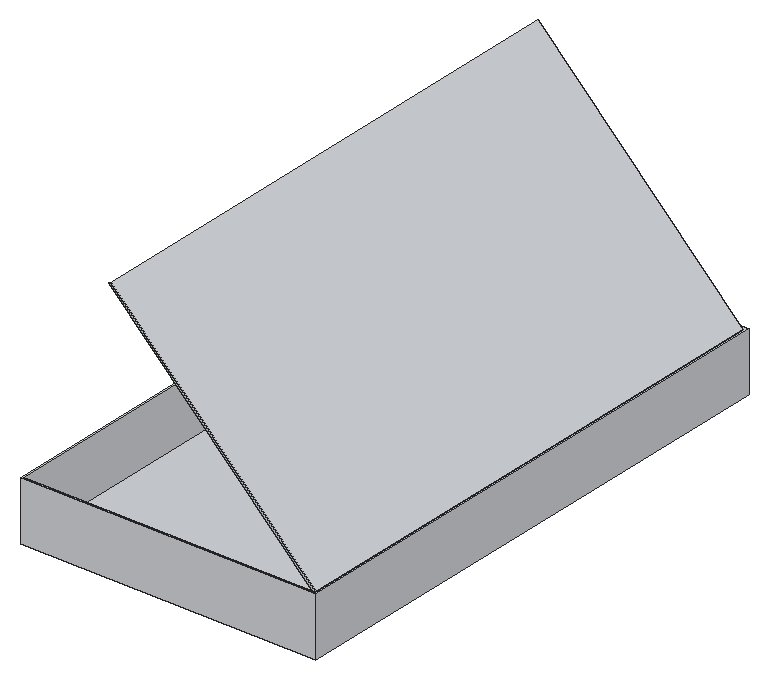
Revit family "Typ.B_TP&N_125A_Side_Extension_Boxes-empty-UK-en", category Electrical Equipment, host Face, Revit 2020
Family settings
  Host = Face
  Panel Configuration = Two Columns, Circuits Across
  Round Connector Dimension = Use Diameter
  Part Type = Panelboard
  Cut with Voids When Loaded = No
  Shared = No
  Room Calculation Point = No
Parameters (values of type "Surface mounted P2XC W465 H850 D91.5 0 Modular spacings - JK112BSF")
  Width Control [instance] = if([HG000006 - Flush mounted], if([EF000846 - Built-in width] > min_whd, [EF000846 - Built-in width], min_whd), if([EF000008 - Width] > min_whd, ([EF000008 - Width]), min_whd))  # 465 mm
  Void Depth [instance] = if([HG000006 - Flush mounted], Depth Control, 1 mm)  # 1 mm
  Type Comments = [HG000003 - Range]  # "Type B TP&N Distribution Boards"
  System Height [instance] = Height Control - 2 * [HG000005 - Thickness]  # 844 mm
  Model = [HG000004 - Manufacturer reference]  # "JK112BSF"
  HG000017 - Distance between poles = 18 mm
  HG000016 - Door 3d visibility [instance] = yes
  HG000015 - Clearance visibility [instance] = no
  HG000014 - Door on the right [instance] = yes
  HG000013 - Door on the left [instance] = not([HG000014 - Door on the right])  # no
  HG000012 - Door swing angle [instance] = 45.00°
  HG000011 - Empty rows from bottom = no
  HG000005 - Thickness = 3 mm  # constant formula
  Arrow Offset [instance] = Depth Control / 8  # 11.5 mm
  Arrow Height [instance] = Depth Control - Arrow Offset  # 80.5 mm
  Host Offset [instance] = if([HG000006 - Flush mounted], 0 mm, [EF000049 - Depth])  # 92 mm
  min_whd [instance] = (2 * [HG000005 - Thickness]) + 1 mm  # 7 mm
  Manufacturer = "Hager"  # constant formula
  Height Control [instance] = if([HG000006 - Flush mounted], if([EF000332 - Built-in height] > min_whd, [EF000332 - Built-in height], min_whd), if([EF000040 - Height] > min_whd, ([EF000040 - Height]), min_whd))  # 850 mm
  HG000010 - Asymmetric doors = no
  HG000009 - Double swing door = no
  HG000008 - Number of empty rows = 0
  HG000007 - Number of empty columns = 0
  HG000006 - Flush mounted = no
  HG000004 - Manufacturer reference = "JK112BSF"
  HG000003 - Range = "Type B TP&N Distribution Boards"
  HG000002 - With door or cover = yes
  HG000001 - Number of columns = 0
  Flush Mounted - Door Frame Width [instance] = if(([EF000040 - Height] - [EF000332 - Built-in height]) > 0 mm, if([HG000006 - Flush mounted], [EF000040 - Height] - [EF000332 - Built-in height], 0 mm), 0 mm)  # 0 mm
  EF015941 - Signal passing door = no
  EF015777 - Neutral terminal block = no
  EF015776 - Earthing terminal block = no
  EF009212 - Cover model = ""
  EF006306 - With lock = no
  EF006244 - Transparent cover/door = no
  EF005474 - Degree of protection (IP) = "EV009848 - IP2XC"
  EF004462 - Type of closure = "EV000154 - Other"
  EF002950 - Width in number of modular spacings = 0
  EF001596 - Material housing = "EV000179 - Steel"
  EF001134 - DIN-rail = no
  EF001131 - Internal depth = 0 mm
  EF001088 - Extension possible = no
  EF001062 - EMC-version = no
  EF000846 - Built-in width = 0 mm
  EF000339 - Type of cover = "EV004216 - Door"
  EF000332 - Built-in height = 0 mm
  EF000266 - Number of rows = 0
  EF000218 - Built-in depth = 0 mm
  EF000118 - With mounting plate = no
  EF000116 - RAL-number = ""
  EF000049 - Depth = 92 mm
  EF000040 - Height = 850 mm
  EF000008 - Width = 465 mm
  EF000007 - Colour = "EV000154 - Other"
  EF000003 - Mounting method = "EV000384 - Surface mounted (plaster)"
  Depth Control [instance] = if([HG000006 - Flush mounted], if([EF000218 - Built-in depth] > 0 mm, [EF000218 - Built-in depth], 1 mm), if([EF000049 - Depth] > 0 mm, ([EF000049 - Depth]), 1 mm))  # 92 mm
  Default Elevation = 0 mm
Types (5, lengths in mm): name | System Height | Model | Height Control | HG000004 - Manufacturer reference | EF005474 - Degree of protection (IP) | EF000040 - Height
  Surface mounted IP30 W465 H950 D91.5 0 Modular spacings - JK116BSF | 944 | "JK116BSF" | 950 | "JK116BSF" | "EV006410 - IP30" | 950
  Surface mounted P2XC W465 H500 D91.5 0 Modular spacings - JK104BSF | 494 | "JK104BSF" | 500 | "JK104BSF" | "EV009848 - IP2XC" | 500
  Surface mounted P2XC W465 H550 D91.5 0 Modular spacings - JK106BSF | 544 | "JK106BSF" | 550 | "JK106BSF" | "EV009848 - IP2XC" | 550
  Surface mounted P2XC W465 H625 D91.5 0 Modular spacings - JK108BSF | 619 | "JK108BSF" | 625 | "JK108BSF" | "EV009848 - IP2XC" | 625
  Surface mounted P2XC W465 H850 D91.5 0 Modular spacings - JK112BSF | 844 | "JK112BSF" | 850 | "JK112BSF" | "EV009848 - IP2XC" | 850
Reference planes
  plane 1 "Center (Front/Back)": y = 0
  plane 2: z = 0
  plane 3 "Center (Left/Right)": x = 0
  plane 4: z = 92
  plane 5: y = 3
  plane 6: z = 87
  plane 7: y = 425
  plane 8: y = 0
  plane 9: y = 850
  plane 10: z = 0
  plane 11: x = -232.5
  plane 12: x = 232.5
  plane 13: x = 229.5
  plane 14: x = -229.5
  plane 15: y = 847
  plane 16: z = 3
  plane 17: z = 89
  plane 18: z = -1
  plane 19: z = 89
Forms (mm)
  Extrusion 1, solid
    sketch origin (-583.045, 0, 1219.2) x (-1, 0, 0) y (0, 0, 1)
      loop
        line (-350.545, -1127.2) -> (-815.545, -1127.2) -> (-815.545, -1219.2) -> (-350.545, -1219.2) -> (-350.545, -1127.2)
    from 0 to 850 <- "Height Control"
  Extrusion 2, void
    sketch origin (-381.607, -4572, 92) x (0, -1, 0) y (-1, 0, 0)
      loop
        line (-5419, -152.107) -> (-5419, -611.107) -> (-4575, -611.107) -> (-4575, -152.107) -> (-5419, -152.107)
    from 0 to 89
  Extrusion 3, void
    sketch origin (0, 0, 0) x (1, 0, 0) y (0, 1, 0)
      loop
        line (-232.5, 0) -> (232.5, 0) -> (232.5, 850) -> (-232.5, 850) -> (-232.5, 0)
    from -1 to 1
  Extrusion 4, solid, detail levels coarse+medium
    sketch origin (-381.607, -4572, 92) x (-1, 0, 0) y (0, -1, 0)
      loop
        line (-152.107, -5419) -> (-152.107, -4575) -> (-611.107, -4575) -> (-611.107, -5419) -> (-152.107, -5419)
    from 0 to -3
Cuts and joins
  Extrusion 2 cuts Extrusion 1
Dimensions and locks
  plane 4 to plane 6 = 5 mm
  "Host Offset": plane 4 to host face
  "Flush Mounted - Door Frame Width": plane 1 "Center (Front/Back)" to plane 8
  "HG000005 - Thickness": plane 5 to plane 8
  locked: connector elem to plane 3 "Center (Left/Right)"
  "Height Control": plane 9 to plane 8
  equal spacing: plane 9, plane 7, plane 8
  locked: connector elem to plane 7
  "Depth Control": plane 4 to plane 10
  "HG000005 - Thickness": plane 11 to plane 14
  "HG000005 - Thickness": plane 12 to plane 13
  equal spacing: plane 11, plane 3 "Center (Left/Right)", plane 12
  "Width Control": plane 11 to plane 12
  "Arrow Offset": nested 4 to plane 10
  "HG000005 - Thickness": plane 9 to plane 15
  "HG000005 - Thickness": plane 16 to plane 10
  "HG000005 - Thickness": plane 4 to plane 17
  "Void Depth": plane 2 to plane 18
  "HG000005 - Thickness": plane 4 to plane 19
  aligned and locked: plane 2 to host face
  aligned and locked: level to host face
  aligned and locked: plane 3 "Center (Left/Right)" to nested 2
  aligned and locked: plane 4 to nested 2
  aligned and locked: nested 2 to plane 8
  aligned and locked: nested 1 to plane 6
  aligned and locked: nested 1 to plane 5
  aligned and locked: nested 4 to plane 11
  aligned and locked: nested 3 to plane 4
  aligned and locked: Extrusion 1 sketch curve to plane 12
  aligned and locked: Extrusion 1 sketch curve to plane 11
  aligned and locked: nested 3 to plane 10
  aligned and locked: plane 10 to Extrusion 1 sketch curve
  aligned and locked: Extrusion 2 sketch curve to plane 5
  aligned and locked: Extrusion 2 sketch curve to plane 15
  aligned and locked: Extrusion 2 sketch curve to plane 14
  aligned and locked: Extrusion 2 sketch curve to plane 13
  aligned and locked: plane 11 to Extrusion 3 sketch curve
  aligned and locked: plane 9 to Extrusion 3 sketch curve
  aligned and locked: Extrusion 3 sketch curve to plane 8
  aligned and locked: plane 12 to Extrusion 3 sketch curve
  aligned and locked: nested 3 to plane 12
  aligned and locked: Extrusion 3 to plane 18
  aligned and locked: Extrusion 2 to plane 16
  aligned and locked: Extrusion 1 sketch curve to plane 4
  aligned and locked: Extrusion 4 to plane 17
  aligned and locked: Extrusion 4 sketch curve to plane 15
  aligned and locked: Extrusion 4 sketch curve to plane 13
  aligned and locked: Extrusion 4 sketch curve to plane 14
  aligned and locked: Extrusion 4 sketch curve to plane 5
Automatic sketch dimensions
  host sketch curve to host sketch curve = 1469.727 mm
  host sketch curve to host sketch curve = 1434.803 mm
Nested families
  nested 1: "Hager_Enclosure_System" at (0, 3, 87) x (1, 0, 0) z (0, 1, 0), Depth <- "HG000005 - Thickness", Height <- "System Height", Width <- "EF000008 - Width", Border <- "HG000005 - Thickness", Flush_Mounted <- "HG000006 - Flush mounted", Built-in_Width <- "EF000846 - Built-in width", Row_Module_Multiplicator <- "EF002950 - Width in number of modular spacings", Total_No_Empty_Rows <- "HG000008 - Number of empty rows", Total_No_Rows <- "EF000266 - Number of rows", Empty_Columns <- "HG000007 - Number of empty columns", Width_Control <- "Width Control", Empty_Rows_From_Bottom <- "HG000011 - Empty rows from bottom", Distance_Between_Poles <- "HG000017 - Distance between poles", Rows_Count <- "EF000266 - Number of rows", Columns_Count <- "HG000001 - Number of columns", type "Hager_Enclosure_System", detail levels fine
    with Width_Control 465 mm, Width 465 mm, Total_No_Rows 0, Total_No_Empty_Rows 0, Total_No_Columns 1, System_Width 459 mm, Rows_Count 0, Rows_Column 0, Row_Module_Multiplicator 0, Panel_4 no, Panel_3 no, Panel_2 no, Panel_1 no, No_Panels_Ctrl 1, Hide_Columns yes, Height 844 mm, Flush_Mounted no, Empty_Rows_From_Bottom no, Empty_Rows_Column 0, Empty_Columns 0, Distance_Between_Poles 18 mm, Depth 3 mm, Columns_Count 0, Column_Width 459 mm, Built-in_Width 0 mm, Border 3 mm
  nested 2: "Hager_Enclosure_Door" at (0, 0, 92) x (1, 0, 0) z (0, 1, 0), Border <- "HG000005 - Thickness", Door_Right <- "HG000014 - Door on the right", Flush_Mounted <- "HG000006 - Flush mounted", Depth <- "EF000049 - Depth", Width <- "EF000008 - Width", Door_Left <- "HG000013 - Door on the left", 3d_Door <- "HG000016 - Door 3d visibility", BuiltIn_Width <- "EF000846 - Built-in width", BuiltIn_Height <- "EF000332 - Built-in height", BuiltIn_Depth <- "EF000218 - Built-in depth", Angle <- "HG000012 - Door swing angle", Assymetrical <- "HG000010 - Asymmetric doors", Double <- "HG000009 - Double swing door", Clearance <- "HG000015 - Clearance visibility", Transparent <- "EF006244 - Transparent cover/door", Door <- "HG000002 - With door or cover", Height_Ctrl <- "Height Control", Width_Ctrl <- "Width Control", Height <- "EF000040 - Height", type "Hager_Enclosure_Door", detail levels medium+fine
    with min_wh 7 mm, Width_Ctrl 465 mm, Width 465 mm, Transparent_Door_No_Bottom_Border no, Transparent no, Leaf_Width 456 mm, Leaf_Tolerance 1.5 mm, Leaf_Height 841 mm, Leaf_2_Width 456 mm, Leaf_2_Offset 228 mm, Leaf_1_Width 456 mm, Leaf_1_Offset 228 mm, Height_Ctrl 850 mm, Height 850 mm, Frame_Width_Ctrl 465 mm, Frame_Width 465 mm, Frame_Internal_Offset 0 mm, Frame_Height_Ctrl 850 mm, Frame_Height 850 mm, Frame_Depth_Ctrl 1 mm, Frame_Depth 0 mm, Flush_Mounted no, Double_Clearance_Ctrl no, Double no, Door_Right_Ctrl yes, Door_Right yes, Door_Left_Ctrl no, Door_Left no, Door yes, Depth 92 mm, Clearance_Depth 456 mm, Clearance_Ctrl no, Clearance no, BuiltIn_Width 0 mm, BuiltIn_Height 0 mm, BuiltIn_Depth 0 mm, Border 3 mm, Assymetrical no, Angle 45.00°, 3d_Door yes
  nested 3: "Hager_Enclosure_Symbol_Triangle" at (-232.5, 0, 0) x (1, 0, 0) z (0, -1, 0), Depth <- "Depth Control", Width <- "Width Control", type "Hager_Enclosure_Symbol_Triangle"
    with Width_Ctrl 465 mm, Width 465 mm, Depth_Ctrl 92 mm, Depth 92 mm
  nested 4: "Hager_Enclosure_Symbol_Arrow" at (-232.5, 0, 11.5) x (1, 0, 0) z (0, -1, 0), Height <- "Arrow Height", type "Hager_Enclosure_Symbol_Arrow"
    with Width_Inside 6.038 mm, Width 72.45 mm, Height_Ctrl 80.5 mm, Height 80.5 mm
Connectors
  electrical at (0, 425, 0)
    settings: on plane 10, index 1, voltage 0 V, apparent load 0 VA, apparent load phase1 0 VA, apparent load phase2 0 VA, apparent load phase3 0 VA, power factor 1, load classification "Other", number of poles 1, system type 30, power factor state 1, is connector primary yes, connector utility no, sub classification motor no, connector description ""
Definition of nested family "Hager_Enclosure_Door"
  Parameters (values of type "Hager_Enclosure_Door")
    min_wh [instance] = (2 * Border) + 1 mm  # 11 mm
    Width_Ctrl [instance] = 400 mm
    Width [instance] = 500 mm
    Transparent_Door_No_Bottom_Border [instance] = no
    Transparent [instance] = yes
    Leaf_Width [instance] = if((Width_Ctrl - 2 * Border - 2 * Leaf_Tolerance) > 0 mm, (Width_Ctrl - 2 * Border - 2 * Leaf_Tolerance), min_wh)  # 387 mm
    Leaf_Tolerance [instance] = 1.5 mm  # constant formula
    Leaf_Height [instance] = if((Height_Ctrl - 2 * Border - 2 * Leaf_Tolerance) > 0 mm, (Height_Ctrl - 2 * Border - 2 * Leaf_Tolerance), min_wh)  # 387 mm
    Leaf_2_Width [instance] = if(and(and(Double, Assymetrical), Door_Left), (Leaf_Width / 3) - (Leaf_Tolerance / 2), if(and(and(Double, Assymetrical), Door_Right), (Leaf_Width / 3) * 2 - (Leaf_Tolerance / 2), if(and(Double, not(Assymetrical)), (Leaf_Width / 2) - Leaf_Tolerance, Leaf_Width)))  # 387 mm
    Leaf_2_Offset [instance] = if(and(Double, Assymetrical), Leaf_2_Width / 2, if(and(Double, not(Assymetrical)), Leaf_Width / 4, Leaf_Width / 2))  # 193.5 mm
    Leaf_1_Width [instance] = if(and(and(Double, Assymetrical), Door_Right), (Leaf_Width / 3) - (Leaf_Tolerance / 2), if(and(and(Double, Assymetrical), Door_Left), (Width / 3) * 2 - (Leaf_Tolerance / 2), if(and(Double, not(Assymetrical)), (Leaf_Width / 2) - Leaf_Tolerance, Leaf_Width)))  # 387 mm
    Leaf_1_Offset [instance] = if(and(Double, Assymetrical), Leaf_1_Width / 2, if(and(Double, not(Assymetrical)), Leaf_Width / 4, Leaf_Width / 2))  # 193.5 mm
    Height_Ctrl [instance] = 400 mm
    Height [instance] = 500 mm
    Frame_Width_Ctrl [instance] = if(Frame_Width > 0 mm, Frame_Width, 1 mm)  # 1 mm
    Frame_Width [instance] = Width - BuiltIn_Width  # 0 mm
    Frame_Internal_Offset [instance] = if(Flush_Mounted, Border, 0 mm)  # 5 mm
    Frame_Height_Ctrl [instance] = if(Frame_Height > 0 mm, Frame_Height, 1 mm)  # 1 mm
    Frame_Height [instance] = Height - BuiltIn_Height  # 0 mm
    Frame_Depth_Ctrl [instance] = if(Frame_Depth > 0 mm, Frame_Depth, 1 mm)  # 1 mm
    Frame_Depth [instance] = if(Depth - BuiltIn_Depth > 0 mm, if(Flush_Mounted, Depth - BuiltIn_Depth, 0 mm), 0 mm)  # 0 mm
    Flush_Mounted [instance] = yes
    Double_Clearance_Ctrl [instance] = and(Double, Clearance)  # no
    Double [instance] = no
    Door_Right_Ctrl [instance] = and(or(Door_Right, Double), Door)  # yes
    Door_Right [instance] = yes
    Door_Left_Ctrl [instance] = and(or(Door_Left, Double), Door)  # no
    Door_Left [instance] = no
    Door [instance] = yes
    Depth [instance] = 500 mm
    Default Elevation = 1219.2 mm
    Clearance_Material = none
    Clearance_Depth [instance] = if(Leaf_1_Width > Leaf_2_Width, Leaf_1_Width, Leaf_2_Width)  # 387 mm
    Clearance_Ctrl [instance] = and(not(Double), Clearance)  # yes
    Clearance [instance] = yes
    BuiltIn_Width [instance] = 500 mm
    BuiltIn_Height [instance] = 500 mm
    BuiltIn_Depth [instance] = 500 mm
    Border [instance] = 5 mm
    Assymetrical [instance] = yes
    Angle [instance] = 30.00°
    3d_Door [instance] = yes
  Reference planes
    plane 1 "Center (Front/Back)": y = 0
    plane 2 "Bottom": z = 0
    plane 3 "Center (Left/Right)": x = 0
    plane 4: z = 400
    plane 5: x = -200
    plane 6: x = 200
    plane 7: z = 395
    plane 8: x = -195
    plane 9: z = 5
    plane 10: x = 195
    plane 11: y = 0
    plane 12: z = 6.5
    plane 13: x = -582
    plane 14: y = -387
    plane 15: x = 582
    plane 16: x = 0
    plane 17: x = 0
    plane 18: x = -193.5
    plane 19: x = 193.5
    plane 20: z = 393.5
  Forms (mm)
    Extrusion 1, solid, visible <- "Flush_Mounted"
      sketch origin (0, 0, 0) x (1, 0, 0) y (0, 0, 1)
        loop
          line (195, 5) -> (195, 395) -> (-195, 395) -> (-195, 5) -> (195, 5)
        loop
          line (-201, 401) -> (-201, -1) -> (201, -1) -> (201, 401) -> (-201, 401)
      from 0 to 1 <- "Frame_Depth_Ctrl"
    Extrusion 2, solid, material <- "Clearance_Material", visible <- "Double_Clearance_Ctrl"
      sketch origin (1200, 0, 0) x (1, 0, 0) y (0, 0, -1)
        loop
          line (-1782, -393.5) -> (-618, -393.5) -> (-618, 0) -> (-1782, 0) -> (-1782, -393.5)
      from 0 to -387
  Dimensions and locks
    equal spacing: plane 5, plane 3 "Center (Left/Right)", plane 6
    "Width_Ctrl": plane 5 to plane 6
    "Border": plane 5 to plane 8
    "Border": plane 6 to plane 10
    "Border": plane 9 to level
    "Border": plane 4 to plane 7
    "Height_Ctrl": plane 4 to level
    "Leaf_Tolerance": plane 12 to plane 9
    "Frame_Depth": plane 11 to plane 1 "Center (Front/Back)"
    "Frame_Width_Ctrl": plane 5 to Extrusion 1 sketch curve
    "Frame_Width_Ctrl": plane 6 to Extrusion 1 sketch curve
    "Frame_Width_Ctrl": Extrusion 1 sketch curve to plane 4
    "Frame_Width_Ctrl": plane 2 "Bottom" to Extrusion 1 sketch curve
    "Leaf_1_Offset": plane 18 to plane 16
    "Leaf_2_Offset": plane 17 to plane 19
    "Leaf_1_Width": plane 13 to plane 8
    "Leaf_2_Width": plane 10 to plane 15
    "Clearance_Depth": plane 14 to plane 1 "Center (Front/Back)"
    "Leaf_Tolerance": plane 8 to plane 18
    "Leaf_Tolerance": plane 19 to plane 10
    "Leaf_Tolerance": plane 7 to plane 20
    "Frame_Internal_Offset": plane 5 to Extrusion 1 sketch curve
    "Frame_Internal_Offset": Extrusion 1 sketch curve to plane 2 "Bottom"
    "Frame_Internal_Offset": plane 6 to Extrusion 1 sketch curve
    "Frame_Internal_Offset": plane 4 to Extrusion 1 sketch curve
    aligned and locked: level to plane 2 "Bottom"
    aligned and locked: nested 1 to plane 16
    aligned and locked: nested 2 to plane 17
    aligned and locked: Extrusion 2 to plane 13
    aligned and locked: plane 15 to Extrusion 2
    aligned and locked: Extrusion 2 to plane 14
    aligned and locked: plane 12 to nested 1
    aligned and locked: nested 2 to plane 12
    aligned and locked: Extrusion 2 to plane 11
    aligned and locked: plane 20 to Extrusion 2
    aligned and locked: nested 2 to plane 11
    aligned and locked: nested 1 to plane 11
  Automatic sketch dimensions
    Extrusion 2 sketch curve to level = 0 mm
    plane 5 to Extrusion 2 sketch curve = 382 mm
    plane 6 to Extrusion 2 sketch curve = 382 mm
    Extrusion 2 sketch curve to plane 4 = 6.5 mm
  Nested families
    nested 1: "Hager_Enclosure_Door_Leaf" at (0, 0, 6.5), Width <- "Leaf_1_Width", visible <- "Door_Left_Ctrl", Leaf_Height <- "Leaf_Height", Angle <- "Angle", Depth <- "Border", 3d_Door <- "3d_Door", Transparent <- "Transparent", Clearance Material <- "Clearance_Material", Clearance <- "Clearance_Ctrl", Transparent_Door_No_Bottom_Border <- "Transparent_Door_No_Bottom_Border", type "Hager_Enclosure_Door_Leaf"
      with Width 387 mm, Transparent_Door_No_Bottom_Border no, Transparent_Door_Border_Bottom_Top 25 mm, Transparent_Door_Border 25 mm, Transparent_Ctrl yes, Transparent yes, Standard no, Leaf_Height 387 mm, Glass_Offset 1 mm, Depth 5 mm, Clearance Material none, Clearance yes, Angle_Ctrl 30.00°, Angle 30.00°, 3d_Door yes
    nested 2: "Hager_Enclosure_Door_Leaf" at (0, 0, 6.5) x (-1, 0, 0) z (0, 0, 1), Width <- "Leaf_2_Width", visible <- "Door_Right_Ctrl", Leaf_Height <- "Leaf_Height", Angle <- "Angle", Depth <- "Border", 3d_Door <- "3d_Door", Transparent <- "Transparent", Clearance Material <- "Clearance_Material", Clearance <- "Clearance_Ctrl", Transparent_Door_No_Bottom_Border <- "Transparent_Door_No_Bottom_Border", type "Hager_Enclosure_Door_Leaf"
      with Width 387 mm, Transparent_Door_No_Bottom_Border no, Transparent_Door_Border_Bottom_Top 25 mm, Transparent_Door_Border 25 mm, Transparent_Ctrl yes, Transparent yes, Standard no, Leaf_Height 387 mm, Glass_Offset 1 mm, Depth 5 mm, Clearance Material none, Clearance yes, Angle_Ctrl 30.00°, Angle 30.00°, 3d_Door yes
  Definition of nested family "Hager_Enclosure_Door_Leaf"
    Parameters (values of type "Hager_Enclosure_Door_Leaf")
      Width [instance] = 2000 mm
      Transparent_Door_No_Bottom_Border [instance] = yes
      Transparent_Door_Border_Bottom_Top [instance] = if(Transparent_Door_No_Bottom_Border, 0.1 mm, Transparent_Door_Border)  # 0.1 mm
      Transparent_Door_Border [instance] = if(Transparent_Door_No_Bottom_Border, (Width * 0.12), 25 mm)  # 240 mm
      Transparent_Ctrl [instance] = and(Transparent, [3d_Door])  # yes
      Transparent [instance] = yes
      Standard [instance] = and(not(Transparent), [3d_Door])  # no
      Leaf_Height [instance] = 2720.336 mm
      Glass_Offset [instance] = if((Depth - 10 mm) / 2 > 0 mm, (Depth - 10 mm) / 2, 1 mm)  # 15 mm
      Glass_Material = none
      Depth [instance] = 40 mm
      Default Elevation = 0 mm
      Clearance Material [instance] = none
      Clearance [instance] = yes
      Angle_Ctrl [instance] = if(Angle > 170.00°, 170.00°, Angle)  # 45.00°
      Angle [instance] = 45.00°
      3d_Door [instance] = yes
    Reference planes
      plane 1 "Center (Front/Back)": y = 0
      plane 2: z = 0
      plane 3 "Center (Left/Right)": x = 0
      plane 4: y = 2000
      plane 5: x = -1000
      plane 6: x = 1000
      plane 7: x = -3000
      plane 8: z = 2720.336
      plane 9: z = 0.1
      plane 10: z = 2720.236
      plane 11: x = 760
      plane 12: x = -760
    Forms (mm)
      Extrusion 1, solid, material <- "Clearance Material", visible <- "Clearance"
        sketch origin (0, 0, 0) x (1, 0, 0) y (0, 0, 1)
          loop
            line (-3000, 2720.336) -> (-3000, 0) -> (1000, 0) -> (1000, 2720.336) -> (-3000, 2720.336)
        from 0 to -2000
      Extrusion 2, solid, visible <- "Standard", detail levels medium+fine
        sketch origin (-1000, 0, 0) x (0.707107, 0.707107, 0) y (-0.707107, 0.707107, 0)
          loop
            line (0, -40) -> (2000, -40) -> (2000, 0) -> (0, 0) -> (0, -40)
        from 0 to 2720.336 <- "Leaf_Height"
      Extrusion 3, solid, visible <- "Transparent_Ctrl", detail levels medium+fine
        sketch origin (-1000, 0, 0) x (0.707107, 0.707107, 0) y (-0.707107, 0.707107, 0)
          loop
            line (0, -40) -> (2000, -40) -> (2000, 0) -> (0, 0) -> (0, -40)
        from 0 to 2720.336 <- "Leaf_Height"
      Extrusion 4, void, detail levels medium+fine
        sketch origin (-1000, 0, 0) x (-0.707107, 0.707107, 0) y (0.707107, 0.707107, 0)
          loop
            line (0, 240) -> (0, 1760) -> (-40, 1760) -> (-40, 240) -> (0, 240)
        from -2720.236 to -0.1
      Extrusion 5, solid, material <- "Glass_Material", visible <- "Transparent_Ctrl", detail levels medium+fine
        sketch origin (-1000, 0, 0) x (0.707107, 0.707107, 0) y (-0.707107, 0.707107, 0)
          loop
            line (240, -15) -> (240, -25) -> (1760, -25) -> (1760, -15) -> (240, -15)
        from 0.1 to 2720.236
    Cuts and joins
      Extrusion 4 cuts Extrusion 3
    Lines and regions (mm)
      symbolic lines
        curve 1: line (1000, 0, 0) -> (-3000, 0, 0)
        curve 2: arc (1000, 0, 0) -> (-1000, 2000, 0) -> (-3000, 0, 0) r 2000
        curve 4: line (-1000, 0, 0) -> (414.214, 1414.214, 0)
      reference lines
        curve 3: line (-1000, 0, 0) -> (414.214, 1414.214, 0)
      symbolic lines, detail levels medium+fine
        curve 5: line (414.214, 1414.214, 0) -> (442.498, 1385.929, 0)
        curve 6: line (442.498, 1385.929, 0) -> (-971.716, -28.284, 0)
        curve 7: line (-971.716, -28.284, 0) -> (-1000, 0, 0)
        curve 8: line (-1000, 0, 2720.336) -> (1000, 0, 2720.336)
        curve 9: line (-1000, 0, 0) -> (-1000, 0, 2720.336)
        curve 10: line (1000, 0, 0) -> (-1000, 0, 0)
        curve 11: line (1000, 0, 2720.336) -> (1000, 0, 0)
      symbolic lines, visible <- "Transparent_Ctrl", detail levels medium+fine
        curve 12: line (-760, 0, 2720.236) -> (760, 0, 2720.236)
        curve 13: line (-760, 0, 0.1) -> (-760, 0, 2720.236)
        curve 14: line (760, 0, 0.1) -> (-760, 0, 0.1)
        curve 15: line (760, 0, 2720.236) -> (760, 0, 0.1)
    Dimensions and locks
      "Width": plane 1 "Center (Front/Back)" to plane 4
      equal spacing: plane 5, plane 3 "Center (Left/Right)", plane 6
      "Width": plane 5 to plane 6
      "Width": plane 7 to plane 5
      "Leaf_Height": plane 8 to level
      "Depth": curve 6 to curve 3
      "Width": curve 5 to curve 3
      "Width": curve 3 to curve 3
      "Transparent_Door_Border": Extrusion 4 sketch curve to curve 7
      "Transparent_Door_Border": Extrusion 4 sketch curve to curve 5
      "Transparent_Door_Border_Bottom_Top": plane 8 to plane 10
      "Transparent_Door_Border_Bottom_Top": plane 9 to level
      "Glass_Offset": Extrusion 5 sketch curve to curve 4
      "Glass_Offset": Extrusion 5 sketch curve to curve 6
      "Transparent_Door_Border": Extrusion 5 sketch curve to curve 5
      "Transparent_Door_Border": Extrusion 5 sketch curve to curve 7
      "Transparent_Door_Border": plane 12 to plane 5
      "Transparent_Door_Border": plane 6 to plane 11
      "Angle_Ctrl": angle plane 1 "Center (Front/Back)" to curve 3
      aligned and locked: level to plane 2
      aligned and locked: Extrusion 1 to curve 1
      aligned and locked: plane 6 to Extrusion 1
      aligned and locked: Extrusion 1 to plane 1 "Center (Front/Back)"
      aligned and locked: plane 4 to Extrusion 1
      aligned and locked: plane 8 to Extrusion 1
      aligned and locked: curve 4 to curve 3
      aligned and locked: Extrusion 2 sketch curve to curve 7
      aligned and locked: Extrusion 2 sketch curve to curve 6
      aligned and locked: Extrusion 2 sketch curve to curve 5
      aligned and locked: Extrusion 2 sketch curve to curve 3
      aligned and locked: curve 7 to Extrusion 3 sketch curve
      aligned and locked: Extrusion 3 sketch curve to curve 4
      aligned and locked: Extrusion 3 sketch curve to curve 6
      aligned and locked: Extrusion 3 sketch curve to curve 5
      aligned and locked: curve 4 to Extrusion 4 sketch curve
      aligned and locked: curve 6 to Extrusion 4 sketch curve
      aligned and locked: Extrusion 4 to plane 9
      aligned and locked: Extrusion 4 to plane 10
      aligned and locked: Extrusion 5 to plane 9
      aligned and locked: Extrusion 5 to plane 10
      aligned and locked: curve 8 to plane 8
      aligned and locked: plane 5 to curve 9
      aligned and locked: plane 2 to curve 10
      aligned and locked: curve 11 to plane 6
      aligned and locked: plane 10 to curve 12
      aligned and locked: plane 12 to curve 13
      aligned and locked: curve 14 to plane 9
      aligned and locked: plane 11 to curve 15
    Automatic sketch dimensions
      plane 1 "Center (Front/Back)" to curve 2 = 0 mm
      curve 2 to plane 5 = 0 mm
      Extrusion 1 sketch curve to level = 0 mm
      Extrusion 1 sketch curve to plane 7 = 0 mm
      Extrusion 1 sketch curve to plane 6 = 0 mm
      Extrusion 1 sketch curve to plane 8 = 0 mm
      plane 1 "Center (Front/Back)" to curve 3 = 0 mm
      curve 3 to plane 5 = 0 mm
      curve 7 to curve 3 = 0 mm
Definition of nested family "Hager_Enclosure_Symbol_Triangle"
  Parameters (values of type "Hager_Enclosure_Symbol_Triangle")
    Width_Ctrl [instance] = if(Width > 1 mm, Width, 1 mm)  # 498 mm
    Width [instance] = 498 mm
    Depth_Ctrl [instance] = if(Depth > 1 mm, Depth, 1 mm)  # 72 mm
    Depth [instance] = 72 mm
  Reference planes
    plane 1 "Centre (avant/arrière)": y = 0
    plane 2: z = 0
    plane 3 "Centre (gauche/droite)": x = 0
  Lines and regions (mm)
    Filled region 1, type "Solid_Black", in view "Niveau de réf."
      outline origin (0, 0, 0) x (1, 0, 0) y (0, 1, 0)
        loop
          line (0, 0) -> (498, 0) -> (498, 72) -> (0, 0)
    reference lines, in view "Niveau de réf."
      curve 1: line (-206.153, 72, 0) -> (1083.258, 72, 0)
      curve 2: line (498, 405.456, 0) -> (498, -517.619, 0)
  Dimensions and locks
    "Depth_Ctrl": plane 1 "Centre (avant/arrière)" to curve 1
    "Width_Ctrl": plane 3 "Centre (gauche/droite)" to curve 2
    aligned and locked: curve 1 to Filled region 1 sketch curve
    aligned and locked: Filled region 1 sketch curve to plane 1 "Centre (avant/arrière)"
    aligned and locked: curve 2 to Filled region 1 sketch curve
    aligned and locked: plane 3 "Centre (gauche/droite)" to Filled region 1 sketch curve
    aligned and locked: plane 1 "Centre (avant/arrière)" to Filled region 1 sketch curve
  Automatic sketch dimensions
    curve 1 to plane 3 "Centre (gauche/droite)" = 206.153 mm
    curve 2 to curve 1 = 585.258 mm
    plane 1 "Centre (avant/arrière)" to curve 2 = 517.619 mm
    curve 2 to plane 1 "Centre (avant/arrière)" = 405.456 mm
Definition of nested family "Hager_Enclosure_Symbol_Arrow"
  Parameters (values of type "Hager_Enclosure_Symbol_Arrow")
    Width_Inside [instance] = if(Width / 12 > 2 mm, Width / 12, 2 mm)  # 4.987 mm
    Width [instance] = if(Height_Ctrl * 0.9 > 2 mm, Height_Ctrl * 0.9, 2 mm)  # 59.85 mm
    Height_Ctrl [instance] = if(Height > 2 mm, Height, 2 mm)  # 66.5 mm
    Height [instance] = 66.5 mm
  Reference planes
    plane 1 "Centre (avant/arrière)": y = 0
    plane 2: z = 0
    plane 3 "Centre (gauche/droite)": x = 0
    plane 4: x = 59.85
    plane 5: y = 28.263
    plane 6: y = 38.238
    plane 7: y = 66.5
    plane 8: x = 29.925
    plane 9: y = 33.25
  Lines and regions (mm)
    Filled region 1, type "Solid_Black", in view "Niveau de réf."
      outline origin (0, 0, 0) x (1, 0, 0) y (0, 1, 0)
        loop
          line (59.85, 66.5) -> (37.929, 52.827) -> (51.846, 41.935) -> (59.85, 66.5)
    detail lines, in view "Niveau de réf."
      curve 1: line (0, 0, 0) -> (29.925, 38.238, 0)
      curve 2: line (29.925, 38.238, 0) -> (29.925, 28.263, 0)
      curve 3: line (29.925, 28.263, 0) -> (59.85, 66.5, 0)
  Dimensions and locks
    "Width": plane 3 "Centre (gauche/droite)" to plane 4
    "Height_Ctrl": plane 7 to plane 1 "Centre (avant/arrière)"
    equal spacing: plane 3 "Centre (gauche/droite)", plane 8, plane 4
    equal spacing: plane 7, plane 9, plane 1 "Centre (avant/arrière)"
    equal spacing: plane 6, plane 9, plane 5
    "Width_Inside": plane 6 to plane 9
    equal spacing: curve 3, Filled region 1 sketch curve, Filled region 1 sketch curve
    angle Filled region 1 sketch curve to curve 3 = 20.00°
    angle curve 3 to Filled region 1 sketch curve = 20.00°
    locked: curve 3 to Filled region 1 sketch curve (angle 90.00°)
  Automatic sketch dimensions
    plane 1 "Centre (avant/arrière)" to curve 1 = 0 mm
    curve 1 to plane 3 "Centre (gauche/droite)" = 0 mm
    curve 2 to plane 6 = 0 mm
    curve 3 to plane 8 = 0 mm
    curve 3 to plane 4 = 0 mm
    curve 2 to plane 5 = 0 mm
    curve 3 to plane 7 = 0 mm
    Filled region 1 sketch curve to plane 4 = 0 mm
    Filled region 1 sketch curve to plane 7 = 0 mm
